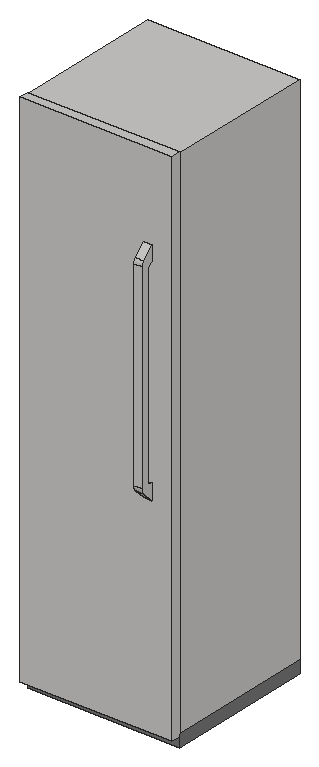
Revit family "DRZ24980LAP", category Specialty Equipment, Revit 2014
Parameters (values of type "DRZ24980LAP")
  Width = 23 3/4"
  Volts (V) = "115"
  Unit = Stainless Steel
  Total Unit Gross Capacity (cu.ft.) - AHAM = "13.6 cu. ft."
  Support = Plastic-Black
  Special Modes = "Sabbath Mode"
  Shelf Material = "Tempered, Metal Trim, Spill-Proof"
  Refrigerator Gross Capacity (cu.ft.) = "13.6 cu. ft."
  Push-To-Open™ Door Assist = "Yes"
  Precise Cooling = "Yes"
  Power Freeze = "Yes"
  Power Cord Length (in.) = "78 3/4\""
  Plug Type = "120 V, 3 Prong"
  Panel Ready = "Yes"
  Model = "DRZ24980LAP"
  Manufacturer = "Dacor"
  Lighting = "3DLighting™"
  Interior Material = "SteelCool™ Stainless Steel Interior"
  Ice Maker = "Dual Icemaker for Standard and Cocktail Ice™"
  Hidden Compartment with Flip-up cover = "1 ea"
  Height = 83 3/8"
  Handle = Stainless Steel
  Full Width Shelves = "3 ea"
  Full Extension Drawers at 90º Door Opening Angle = "Yes"
  Frequency (Hz) = "60"
  Freezer Drawer = "2 ea"
  Freezer - Power Freeze = "-8° (-23°)"
  Freezer = "5°(-15°) to -8° (-23°)"
  ENERGY STAR® Qualified = "Yes"
  Door Swing = "Left"
  Door Open Alarm = "Yes"
  Door Bins = "4 ea"
  Door = Stainless Steel
  Description = "24-INCH FREEZER COLUMN, LEFT-HINGE"
  Depth = 25"
  Defrost Process = "Frost-Free"
  Dedicated Evaporator & Compressor System = "Yes"
  Current (A) = "3"
  Annual Energy Consumption = "500 kWy/year"
Reference planes (in)
  plane 1 "Center (Front/Back)": y = 0
  plane 2: z = 0
  plane 3 "Center (Left/Right)": x = 0
  plane 4: y = 12.5
  plane 5: y = -12.5
  plane 6: x = -11.875
  plane 7: x = 11.875
  plane 8: z = 83.375
  plane 9: z = 2
  plane 10: y = -14.375
  plane 11: y = -11
Forms (in)
  Extrusion 1, solid, material "Stainless Steel" <- "Unit"
    sketch origin (0, 0, 0) x (1, 0, 0) y (0, 1, 0)
      loop
        line (-11.875, -11) -> (-10.875, -11) -> (-10.875, 11.375) -> (10.875, 11.375) -> (10.875, -11) -> (11.875, -11) -> (11.875, 12.5) -> (-11.875, 12.5) -> (-11.875, -11)
    from 2 to 83.375
  Extrusion 2, solid, material "Stainless Steel" <- "Handle"
    sketch origin (0, 0, 0) x (1, 0, 0) y (0, 0, 1)
      loop
        line (-11.875, 1.57503) -> (11.875, 1.57503) -> (11.875, 83.5) -> (-11.875, 83.5) -> (-11.875, 1.57503)
    from 11 to 12.5
  Extrusion 3, solid, material "Plastic-Black" <- "Support"
    sketch origin (0, 0, 0) x (0, 1, 0) y (0, 0, 1)
      loop
        line (12.5, 2) -> (-11, 2) -> (-11, 0) -> (12.5, 0) -> (12.5, 2)
    from -11.875 to 11.875
  Extrusion 4, solid, material "Stainless Steel" <- "Unit"
    sketch origin (0, 0, 83.375) x (1, 0, 0) y (0, 1, 0)
      loop
        line (-10.875, 11.375) -> (-10.875, -11) -> (10.875, -11) -> (10.875, 11.375) -> (-10.875, 11.375)
    from 0 to -1.14126
  Extrusion 5, solid, material "Stainless Steel" <- "Handle"
    sketch origin (0.25, 0, 0) x (0, 1, 0) y (0, 0, -1)
      loop
        line (-12.5, -70.125) -> (-12.5, -67.65625) -> (-12.96875, -67.65625) -> (-13.4375, -67.1875) -> (-13.4375, -64.9375) -> (-14.375, -64.9375) -> (-14.375, -67.83579)
        arc (-14.375, -67.83579) -> (-14.29888, -68.21847) -> (-14.08211, -68.54289) r 1
        line (-14.08211, -68.54289) -> (-12.5, -70.125)
    from -8.55491 to -7.21363
  Extrusion 6, solid, material "Stainless Steel" <- "Handle"
    sketch origin (0.25, 0, 104.5) x (0, 1, 0) y (0, 0, -1)
      loop
        line (-12.5, 70.25) -> (-14.00888, 68.74112)
        arc (-14.00888, 68.74112) -> (-14.27985, 68.33559) -> (-14.375, 67.85723) r 1.25
        line (-14.375, 67.85723) -> (-14.375, 65.0625) -> (-13.4375, 65.0625) -> (-13.4375, 67.3125) -> (-12.96875, 67.78125) -> (-12.5, 67.78125) -> (-12.5, 70.25)
    from -8.55491 to -7.21363
  Extrusion 7, solid, material "Stainless Steel" <- "Handle"
    sketch origin (-1, 0, 0) x (-1, 0, 0) y (0, -1, 0)
      loop
        line (-9.80491, 13.4375) -> (-8.46363, 13.4375) -> (-8.46363, 14.375) -> (-9.80491, 14.375) -> (-9.80491, 13.4375)
    from 65.0625 to 39.4375
Cuts and joins
  joined: Extrusion 1, Extrusion 4
  joined: Extrusion 5, Extrusion 6, Extrusion 7
Dimensions and locks (in)
  equal spacing: plane 6, plane 3 "Center (Left/Right)", plane 7
  "Width": plane 6 to plane 7
  equal spacing: plane 4, plane 1 "Center (Front/Back)", plane 5
  "Depth": plane 4 to plane 5
  "Height": plane 8 to plane 2
  plane 9 to plane 2 = 2"
  plane 5 to plane 10 = 1 7/8"
  plane 11 to plane 5 = 1 1/2"
  Extrusion 3 to Extrusion 3 = 23 3/4"
  Extrusion 2 to Extrusion 3 = 25"
  Extrusion 3 to cut or joined group of Extrusion 1, Extrusion 4 = 83 3/8"
  aligned and locked: level to plane 2
  aligned and locked: Extrusion 3 to plane 6
  aligned and locked: plane 7 to Extrusion 3
  aligned and locked: plane 8 to Extrusion 1
Automatic sketch dimensions
  Extrusion 1 sketch curve to plane 6 = 0"
  Extrusion 1 sketch curve to plane 11 = 0"  (x2)
  Extrusion 1 sketch curve to plane 7 = 0"
  Extrusion 1 sketch curve to plane 4 = 0"
  Extrusion 1 sketch curve to Extrusion 1 sketch curve = 1"
  Extrusion 1 sketch curve to plane 7 = 1"
  Extrusion 1 sketch curve to plane 4 = 1 1/8"
  Extrusion 2 sketch curve to plane 6 = 0"
  Extrusion 2 sketch curve to plane 7 = 0"
  Extrusion 2 sketch curve to plane 9 = 0.42497"
  plane 8 to Extrusion 2 sketch curve = 1/8"
  Extrusion 3 sketch curve to plane 9 = 0"
  Extrusion 3 sketch curve to plane 11 = 0"
  Extrusion 3 sketch curve to level = 0"
  Extrusion 3 sketch curve to plane 4 = 0"
  Extrusion 1 to Extrusion 4 sketch curve = 0"  (x2)
  Extrusion 4 sketch curve to Extrusion 1 = 0"  (x2)
  Extrusion 5 sketch curve to plane 10 = 0"
  Extrusion 5 sketch curve to plane 5 = 0"
  Extrusion 5 sketch curve to plane 10 = 0.29289"
  Extrusion 5 sketch curve to plane 5 = 15/16"
  Extrusion 5 sketch curve to Extrusion 5 sketch curve = 1/16"
  Extrusion 5 sketch curve to Extrusion 5 sketch curve = 13/32"
  Extrusion 5 sketch curve to plane 8 = 13 1/4"
  Extrusion 5 sketch curve to Extrusion 5 sketch curve = 1.58211"
  Extrusion 5 sketch curve to Extrusion 5 sketch curve = 0.17954"
  Extrusion 5 sketch curve to Extrusion 5 sketch curve = 0.64829"
  Extrusion 5 sketch curve to Extrusion 5 sketch curve = 2 1/4"
  Extrusion 6 sketch curve to plane 10 = 0"
  Extrusion 6 sketch curve to plane 5 = 0"
  Extrusion 6 sketch curve to plane 10 = 0.36612"
  Extrusion 6 sketch curve to plane 5 = 15/16"
  Extrusion 6 sketch curve to plane 5 = 5/8"
  Extrusion 6 sketch curve to Extrusion 6 sketch curve = 5/32"
  plane 9 to Extrusion 6 sketch curve = 37 7/16"
  Extrusion 6 sketch curve to Extrusion 6 sketch curve = 2 1/4"
  Extrusion 6 sketch curve to Extrusion 6 sketch curve = 15/32"
  Extrusion 6 sketch curve to Extrusion 6 sketch curve = 0.54473"
  Extrusion 6 sketch curve to Extrusion 6 sketch curve = 1.50888"
  plane 10 to Extrusion 7 sketch curve = 0"
  plane 7 to Extrusion 7 sketch curve = 3.07009"
  Extrusion 7 sketch curve to Extrusion 7 sketch curve = 1.34127"
  plane 5 to Extrusion 7 sketch curve = 15/16"
